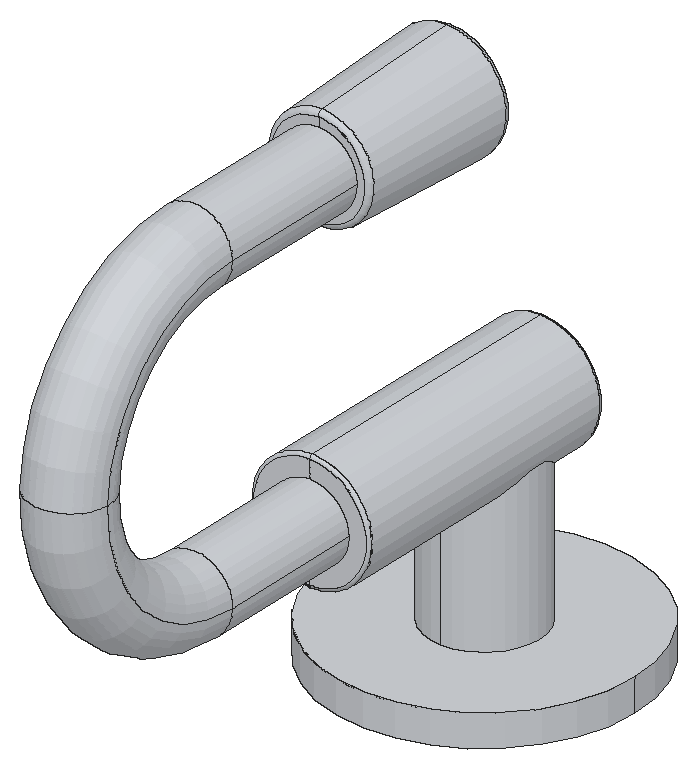
Revit family "Shower-Wall_Supply_Elbow-KOHLER-CONTEMPORARY-K-10683T_1", category Plumbing Fixtures, host Face, Revit 2017
Family settings
  Host = Face
  Round Connector Dimension = Use Diameter
  Part Type = Normal
  OmniClass Number = 23.31.17.00
  OmniClass Title = Showers
  Cut with Voids When Loaded = No
  Shared = No
  Room Calculation Point = No
Parameters (values of type "CP-Polished Chrome")
  Width = 2 73/256"  # constant formula
  WaterSense Certified = 1 = 0  # no
  Waste Water Outlet = "Waste Water Outlet"  # constant formula
  Waste Connection = 1 = 0  # no
  Vent Connection = 1 = 0  # no
  URL = "http://www.kohler.com.cn/"
  Type = 1
  Tempered Water Inlet = "Tempered Water Inlet"  # constant formula
  Product Page URL = "https://www.kohler.com.cn/product/K-10683T-CP/K-10683T-CP/"
  Product Name = "CONTEMPORARY"  # constant formula
  Product Documentation Link = "https://files.kohler.com.cn/pdfs/k_10683t.pdf"
  Pressure = 0.00 psi
  Panel Thickness = 0"
  Model = "K-10683T-CP"  # constant formula
  Material = "Premium Metal Construction"  # constant formula
  Master Format 2014 Name = "Residential Showers"  # constant formula
  Master Format 2014 = "22 42 23"  # constant formula
  Manufacturer Address = "Kohler Beijing Office (100016) 36-2-03-B, No. 88, Liuxiang Road, Beijing"  # constant formula
  Manufacturer = "KOHLER Co."  # constant formula
  Length = 3 63/64"  # constant formula
  Hot Water Inlet = "Hot Water Inlet"  # constant formula
  Height = 4 1/4"  # constant formula
  HW Connection = 1 = 1  # yes
  Flow Rate = 0 GPM
  Finish = Kohler-Metal-CP-Polished_Chrome
  Environmental Product Declaration = ""
  Drain Included = 1 = 0  # no
  Description = "Wall connectors and hoses"  # constant formula
  Default Elevation = 42"
  Declare Label = ""
  Date Modified = "09/19/2020"  # constant formula
  Date Created = "09/19/2020"  # constant formula
  Copyright = "Copyright KOHLER Co."  # constant formula
  Contact Us = "http://www.kohler.com.cn/contact/contact-us/"
  Cold Water Inlet = "Cold Water Inlet"  # constant formula
  CW Connection = 1 = 0  # no
  Assembly Code = "D2010700"
  ADA Compliant = 1 = 0  # no
Reference planes (in)
  plane 1 "Center (Front/Back)": y = 0
  plane 2: z = 0
  plane 3 "Center (Left/Right)": x = 0
  plane 4: x = -1.14278
  plane 5: x = 1.14238
  plane 6: y = -4.25
  plane 7: z = 3.98437
  plane 8: x = -0.45254
  plane 9: x = 0.45254
  plane 10: y = 1.14449
  plane 11: z = 4.43424
  plane 12: z = 3.53451
  plane 13: y = -1.1426
  plane 14: y = 0.55118
  plane 15: z = 1.62205
  plane 16: y = -1.65357
  plane 17: z = 0.24409
  plane 18: y = 0.41352
  plane 19: z = 1.16923
  plane 20: y = -0.41352
  plane 21: z = 2.07486
  plane 22: y = -0.31496
  plane 23: x = -0.29199
  plane 24: x = 0.29199
Dimensions and locks (in)
  "Width": plane 4 to plane 5
  "Height": plane 6 to plane 1 "Center (Front/Back)"
  "Length": level to plane 7
  plane 13 to plane 10 = 2.28708"
  plane 15 to level = 1.62205"
  plane 14 to plane 1 "Center (Front/Back)" = 0.55118"
  plane 14 to plane 16 = 2.20475"
  aligned and locked: plane 2 to host face
  aligned and locked: level to host face
Automatic sketch dimensions
  host sketch curve to host sketch curve = 96"  (x2)
Nested families (in)
  nested 1: "K-10683T" at (0, -4.22726, 0) x (1, 0, 0) z (0, 1, 0), type "K-10683T"
Connectors (in)
  piping at (0, 0, 0), diameter 0.5, driven by "Flow Rate", driven by "HW Connection", driven by "Tempered Water Inlet"
    settings: on nested 1, index 1, connector inside diameter 24", connector length 0", flow factor 0, pipe flow 0 GPM, pressure drop 0.00 psi, fitting loss kfactor 0, connector angle 0.00°, fixture units 0, engagement length 0", angle of deflection 0.00°, flow configuration 0, flow direction 1, fitting loss method 0, system type 19, joint type 0, gender type 0, connector reference index -1, connector utility 1, adjustable connector no, is connector primary yes, connector description "Tempered Water Inlet"
Definition of nested family "K-10683T"
  Parameters (values of type "K-10683T")
    Material = none
    Default Elevation = 48"
  Reference planes (in)
    plane 1 "Center (Front/Back)": y = 0
    plane 2: z = 0
    plane 3 "Center (Left/Right)": x = 0
    plane 4: x = -1.14278
    plane 5: x = 1.14278
    plane 6: y = -4.43424
    plane 7: x = -0.45254
    plane 8: x = 0.45254
    plane 9: z = 5.37175
    plane 10: y = -1.62205
    plane 11: y = -3.98425
    plane 12: x = 0
    plane 13: z = 4.22726
    plane 14: z = 4.77844
    plane 15: z = 3.08467
    plane 16: z = 3.9123
  Forms (in)
    Extrusion 1, solid, material <- "Material", detail levels medium+fine
      sketch origin (0, 0, 4.22726) x (1, 0, 0) y (0, 0, 1)
        loop
          circle (0, 0) r 1.14449
      from 0 to 0.24409
    Revolve 2, solid, material <- "Material", detail levels medium+fine
      sketch origin (0, 0, 4.22726) x (0, 1, 0) y (0, 0, 1)
        loop
          line (-0.20596, 0.41352) -> (-1.62205, 0.41352) -> (-1.62205, 0) -> (-0.20596, 0) -> (-0.20596, 0.41352)
        axis (-1.62205, 0) -> (-0.20596, 0)
      angle from 0 to 360
    Revolve 3, solid, material <- "Material", detail levels medium+fine
      sketch origin (0, 0, 4.22726) x (0, 1, 0) y (0, 0, 1)
        loop
          line (-1.62205, 0.55118) -> (-2.05384, 0.55118)
          arc (-2.05384, 0.55118) -> (-2.06869, 0.54503) -> (-2.07485, 0.53017) r 0.02101
          line (-2.07485, 0.53017) -> (-2.07485, -1.62993)
          arc (-2.07485, -1.62993) -> (-2.06793, -1.64663) -> (-2.05124, -1.65354) r 0.02361
          line (-2.05124, -1.65354) -> (-1.62205, -1.65354) -> (-1.62205, 0.55118)
        axis (-1.62205, -1.65354) -> (-1.62205, 0.55118)
      angle from 0 to 360
    Sweep 4, solid, material <- "Material", detail levels medium+fine
      path origin (0, 0, 4.22726) x (0, 1, 0) y (0, 0, 1)
        loop
          line (-1.62205, -1.63107) -> (-1.62205, -2.7559)
          arc (-1.62205, -2.7559) -> (-1.9802, -3.60311) -> (-2.83744, -3.93651) r 1.1811
          arc (-2.83744, -3.93651) -> (-3.65035, -3.57886) -> (-3.98425, -2.7559) r 1.1811
          line (-3.98425, -2.7559) -> (-3.98425, -1.53614)
      profile origin (0, -1.62205, 2.03377) x (1, 0, 0) y (0, 1, 0)
        loop
          circle (0, 0) r 0.29199
    Revolve 5, solid, material <- "Material", detail levels medium+fine
      sketch origin (0, 0, 4.22726) x (0, 1, 0) y (0, 0, 1)
        loop
          line (-3.98425, -1.5748) -> (-3.98425, -0.31496) -> (-4.39515, -0.31496)
          arc (-4.39515, -0.31496) -> (-4.42422, -0.3274) -> (-4.43529, -0.35703) r 0.04019
          line (-4.43529, -0.35703) -> (-4.38005, -1.53727)
          arc (-4.38005, -1.53727) -> (-4.3679, -1.56392) -> (-4.34072, -1.5748) r 0.03937
          line (-4.34072, -1.5748) -> (-3.98425, -1.5748)
        axis (-3.98425, -1.5748) -> (-3.98425, -0.31496)
      angle from 0 to 360
    Extrusion 6, solid, material <- "Material", detail levels coarse
      sketch origin (0, 0, 0) x (1, 0, 0) y (0, 0, 1)
        loop
          circle (0, 4.22726) r 1.29428
      from 0 to 0.24409
    Revolve 7, solid, material <- "Material", detail levels coarse
      sketch origin (0, 0, 0) x (0, 1, 0) y (0, 0, 1)
        loop
          line (-0.24409, 4.22726) -> (-0.24409, 4.61618) -> (-1.4252, 4.61618) -> (-1.4252, 4.22726) -> (-0.24409, 4.22726)
        axis (-1.4252, 4.22726) -> (-0.24409, 4.22726)
      angle from 0 to 360
    Sweep 8, solid, material <- "Material", detail levels coarse
      path origin (0, 0, 0) x (0, 1, 0) y (0, 0, 1)
        loop
          line (-3.98425, 3.9123) -> (-3.98425, 1.46178)
          arc (-3.98425, 1.46178) -> (-2.80315, 0.28068) -> (-1.62205, 1.46178) r 1.1811
          line (-1.62205, 1.46178) -> (-1.62205, 4.78051)
      profile origin (0, -1.62205, 3.12115) x (0, -1, 0) y (1, 0, 0)
        loop
          circle (0, 0) r 0.4528
    Extrusion 9, solid, material <- "Material", detail levels medium+fine
      sketch origin (0, 0, 0) x (1, 0, 0) y (0, 0, 1)
        loop
          circle (0, 4.22726) r 0.09184
      from 0 to 0.12561
  Cuts and joins
    joined: Extrusion 1, Revolve 2, Revolve 3, Sweep 4, Revolve 5
    joined: Extrusion 6, Revolve 7
  Lines and regions (in)
    Masking region 1
      outline origin (0, 0, 4.22726) x (1, 0, 0) y (0, 0, 1)
        loop
          arc (1.14449, 0) -> (0, 1.14449) -> (-1.14449, 0) r 1.14449
          arc (-1.14449, 0) -> (-0.95615, -0.62898) -> (-0.45313, -1.05096) r 1.14449
          line (-0.45313, -1.05096) -> (-0.45313, -1.63107)
          arc (-0.45313, -1.63107) -> (-0.44977, -1.65007) -> (-0.43077, -1.65343) r 0.01684
          line (-0.43077, -1.65343) -> (-0.29189, -1.65343) -> (-0.29189, -3.95075)
          arc (-0.29189, -3.95075) -> (-0.20259, -4.1488) -> (0, -4.22726) r 0.28653
          arc (0, -4.22726) -> (0.20259, -4.1488) -> (0.29189, -3.95075) r 0.28653
          line (0.29189, -3.95075) -> (0.29189, -1.65343) -> (0.43077, -1.65343)
          arc (0.43077, -1.65343) -> (0.44977, -1.65007) -> (0.45313, -1.63107) r 0.01684
          line (0.45313, -1.63107) -> (0.45313, -1.05096)
          arc (0.45313, -1.05096) -> (0.95615, -0.62898) -> (1.14449, 0) r 1.14449
    Masking region 2
      outline origin (0, 0, 4.22915) x (0, 1, 0) y (0, 0, 1)
        loop
          line (0, -1.14449) -> (0, 1.14449) -> (-0.24409, 1.14449) -> (-0.24409, 0.41351) -> (-1.16923, 0.41351) -> (-1.16923, 0.52461)
          arc (-1.16923, 0.52461) -> (-1.17342, 0.54298) -> (-1.19039, 0.55116) r 0.0217
          line (-1.19039, 0.55116) -> (-2.0537, 0.55116)
          arc (-2.0537, 0.55116) -> (-2.06808, 0.54564) -> (-2.07504, 0.53191) r 0.02145
          line (-2.07504, 0.53191) -> (-2.07504, -1.62777)
          arc (-2.07504, -1.62777) -> (-2.07553, -1.64613) -> (-2.0597, -1.65546) r 0.0181
          line (-2.0597, -1.65546) -> (-1.91402, -1.65546) -> (-1.91402, -2.75585)
          arc (-1.91402, -2.75585) -> (-2.80292, -3.64475) -> (-3.69182, -2.75585) r 0.8889
          line (-3.69182, -2.75585) -> (-3.69182, -1.57667) -> (-3.62692, -1.57667)
          arc (-3.62692, -1.57667) -> (-3.59918, -1.56487) -> (-3.58843, -1.53671) r 0.03852
          line (-3.58843, -1.53671) -> (-3.53335, -0.35632)
          arc (-3.53335, -0.35632) -> (-3.54421, -0.32722) -> (-3.57275, -0.31496) r 0.03952
          line (-3.57275, -0.31496) -> (-4.39575, -0.31496)
          arc (-4.39575, -0.31496) -> (-4.42429, -0.32722) -> (-4.43516, -0.35632) r 0.03952
          line (-4.43516, -0.35632) -> (-4.38008, -1.53671)
          arc (-4.38008, -1.53671) -> (-4.36932, -1.56487) -> (-4.34158, -1.57667) r 0.03852
          line (-4.34158, -1.57667) -> (-4.27669, -1.57667) -> (-4.27669, -2.75585)
          arc (-4.27669, -2.75585) -> (-2.80338, -4.22915) -> (-1.33008, -2.75585) r 1.4733
          line (-1.33008, -2.75585) -> (-1.33007, -1.65546) -> (-1.18718, -1.65546)
          arc (-1.18718, -1.65546) -> (-1.16983, -1.64923) -> (-1.16905, -1.63082) r 0.01652
          line (-1.16905, -1.63082) -> (-1.16905, -1.08759)
          arc (-1.16905, -1.08759) -> (-1.14781, -1.02733) -> (-1.16905, -0.96706) r 0.0961
          line (-1.16905, -0.96706) -> (-1.16905, -0.41346) -> (-0.24409, -0.41346) -> (-0.24409, -1.14449) -> (0, -1.14449)
    Masking region 3
      outline origin (0, 0, 0) x (1, 0, 0) y (0, 1, 0)
        loop
          line (1.14449, 0) -> (-1.14449, 0) -> (-1.14449, -0.24409) -> (-0.41332, -0.24409) -> (-0.41332, -1.43039)
          arc (-0.41332, -1.43039) -> (-0.44487, -1.72127) -> (-0.29196, -1.97072) r 0.4528
          line (-0.29196, -1.97072) -> (-0.29196, -3.63974)
          arc (-0.29196, -3.63974) -> (-0.42751, -3.83734) -> (-0.44341, -4.07644) r 0.45341
          arc (-0.44341, -4.07644) -> (-0.28608, -4.33512) -> (0, -4.43424) r 0.44711
          arc (0, -4.43424) -> (0.28608, -4.33512) -> (0.44341, -4.07644) r 0.44711
          arc (0.44341, -4.07644) -> (0.42751, -3.83734) -> (0.29196, -3.63974) r 0.45341
          line (0.29196, -3.63974) -> (0.29196, -1.97072)
          arc (0.29196, -1.97072) -> (0.44487, -1.72127) -> (0.41332, -1.43039) r 0.4528
          line (0.41332, -1.43039) -> (0.41332, -0.24409) -> (1.14449, -0.24409) -> (1.14449, 0)
    symbolic lines, detail levels medium+fine
      curve 1: arc (-0.41332, -1.43712, 0) -> (-0.24626, -1.24207, 0) -> (0, -1.16925, 0) r 0.4528
      curve 2: arc (0.41332, -1.43712, 0) -> (0.24626, -1.24207, 0) -> (0, -1.16925, 0) r 0.4528
      curve 3: arc (-0.29094, -1.97136, 0) -> (0, -2.07792, 0) -> (0.29094, -1.97136, 0) r 0.45043
      curve 4: arc (0, -3.57275, 0) -> (-0.4115, -3.98425, 0) -> (0, -4.39575, 0) r 0.4115
      curve 5: arc (0, -4.39575, 0) -> (0.4115, -3.98425, 0) -> (0, -3.57275, 0) r 0.4115
      curve 6: arc (0, -4.39575, 0) -> (0.4115, -3.98425, 0) -> (0, -3.57275, 0) r 0.4115
      curve 7: line (0, -0.24409, 5.37175) -> (0, -0.24409, 3.08278)
      curve 8: arc (0, -1.16923, 4.64079) -> (0, -1.26638, 4.53343) -> (0, -1.35524, 4.41912) r 1.93754
      curve 9: arc (0, -1.35524, 4.41912) -> (0, -1.40988, 4.33571) -> (0, -1.4353, 4.23929) r 0.31082
      curve 10: arc (0, -1.4353, 4.23929) -> (0, -1.43486, 4.20443) -> (0, -1.42686, 4.17051) r 0.15959
      curve 11: arc (0, -1.42686, 4.17051) -> (0, -1.41414, 4.12854) -> (0, -1.39279, 4.09025) r 0.20484
      curve 12: arc (0, -1.39279, 4.09025) -> (0, -1.35216, 4.03359) -> (0, -1.31083, 3.97744) r 5.61278
      curve 13: arc (0, -1.31083, 3.97744) -> (0, -1.24313, 3.89377) -> (0, -1.16905, 3.8157) r 1.36313
      curve 14: line (0, -1.16905, 3.00453) -> (0, -2.07504, 3.00453)
      curve 15: line (0, -4.34144, 2.654) -> (0, -3.62707, 2.654)
      curve 16: line (0, -3.5884, 2.69113) -> (0, -4.3801, 2.69113)
      curve 17: line (0, -3.53335, 3.87284) -> (0, -4.43516, 3.87284)
      curve 18: arc (-0.29196, -3.63974, 0) -> (0, -3.53286, 0) -> (0.29196, -3.63974, 0) r 0.45219
      curve 19: line (-0.41332, -1.16947, 0) -> (0.41332, -1.16947, 0)
      curve 20: line (-0.41332, -0.24409, 0) -> (0.41332, -0.24409, 0)
      curve 21: line (0, -1.33007, 2.5737) -> (0, -1.91402, 2.5737)
      curve 22: line (0, 0, 4.77844) -> (-0.43239, 0, 4.77844)
      curve 23: line (-0.45254, 0, 4.7583) -> (-0.45254, 0, 3.17605)
      curve 24: arc (-0.43239, 0, 4.77844) -> (-0.44664, 0, 4.77254) -> (-0.45254, 0, 4.7583) r 0.02015
      curve 25: line (0, 0, 4.77844) -> (0.43239, 0, 4.77844)
      curve 26: line (0.45254, 0, 4.7583) -> (0.45254, 0, 3.17605)
      curve 27: arc (0.43239, 0, 4.77844) -> (0.44664, 0, 4.77254) -> (0.45254, 0, 4.7583) r 0.02015
      curve 28: line (-0.4115, 0, 3.9123) -> (0, 0, 3.9123)
      curve 29: arc (-0.45091, 0, 3.86553) -> (-0.44208, 0, 3.89808) -> (-0.4115, 0, 3.9123) r 0.03999
      curve 30: line (-0.45091, 0, 3.86553) -> (-0.39585, 0, 2.69113)
      curve 31: arc (-0.39585, 0, 2.69113) -> (-0.38435, 0, 2.66461) -> (-0.35817, 0, 2.65237) r 0.04078
      curve 32: line (-0.35817, 0, 2.65237) -> (0.00002, 0, 2.65237)
      curve 33: line (0.4115, 0, 3.9123) -> (0, 0, 3.9123)
      curve 34: arc (0.45091, 0, 3.86553) -> (0.44208, 0, 3.89808) -> (0.4115, 0, 3.9123) r 0.03999
      curve 35: line (0.45091, 0, 3.86553) -> (0.39585, 0, 2.69113)
      curve 36: arc (0.39585, 0, 2.69113) -> (0.38435, 0, 2.66461) -> (0.35817, 0, 2.65237) r 0.04078
      curve 37: line (0.35817, 0, 2.65237) -> (0.00002, 0, 2.65237)
      curve 38: line (-0.39585, 0, 2.69113) -> (0.39585, 0, 2.69113)
      curve 39: line (-0.29199, 0, 2.57372) -> (-0.29199, 0, 2.65237)
      curve 40: line (0.29199, 0, 2.57372) -> (0.29199, 0, 2.65237)
      curve 41: line (-0.4528, 0, 2.59619) -> (-0.29199, 0, 2.59619)
      curve 42: line (0.29199, 0, 2.59619) -> (0.4528, 0, 2.59619)
      curve 43: line (-0.45091, 0, 3.86553) -> (0.45091, 0, 3.86553)
      curve 44: arc (0, -1.16905, 3.26209) -> (0, -1.18212, 3.20183) -> (0, -1.16905, 3.14156) r 0.14549
  Dimensions and locks (in)
    plane 9 to plane 15 = 2.28708"
    plane 1 "Center (Front/Back)" to plane 10 = 1.62205"
    plane 13 to plane 14 = 0.55118"
    plane 14 to cut or joined group of Extrusion 1, Revolve 2, Revolve 3, Sweep 4, Revolve 5 = 2.20472"
    aligned and locked: level to plane 2
